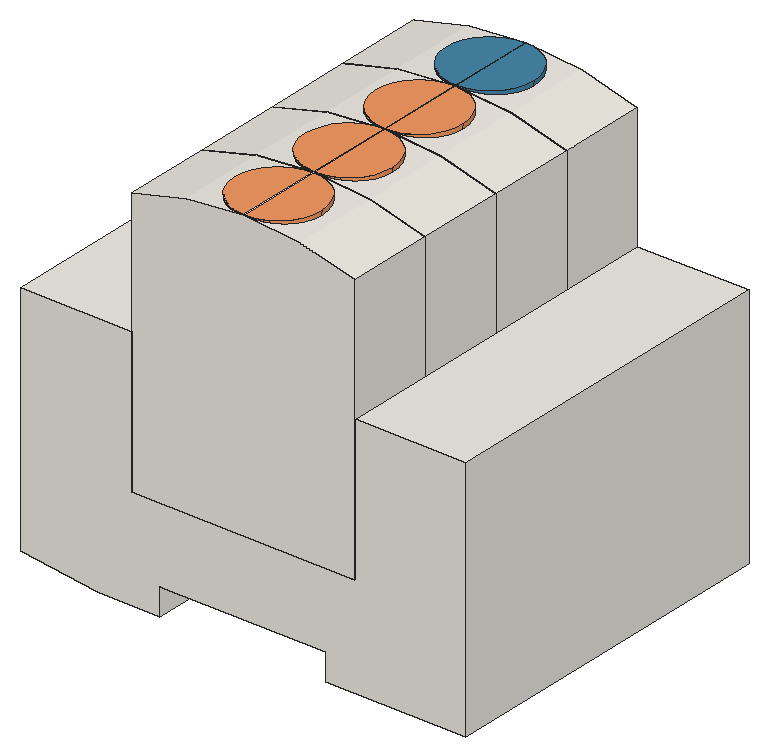
Revit family "Überspannungsableiter V20, 3-polig+NPE", category Generic Models, Revit 2015
Parameters (values of type "V20-3+NPE-385")
  Width = 90 mm
  URL = "http://www.obo-bettermann.com"
  Material 3 = PA 66/6 FR HF RAL 5017
  Material 2 = PA 66/6 FR HF RAL 2003
  Material = PA 66/6 FR HF RAL 9010
  Manufacturer Art.No. = "5095273"
  Manufacturer = "OBO Bettermann"
  Length = 71.2 mm
  Height = 78.5 mm
  GTIN = "4012196161829"
  Article Type = "V20-3+NPE-385"
Types (5, lengths in mm): name | Manufacturer Art.No. | GTIN | Article Type
  (no name) | "5095273" | "4012196161829" | "V20-3+NPE-385"
  V20-3+NPE-150 | "5095233" | "4012196163847" | "V20-3+NPE-150"
  V20-3+NPE-280 | "5095253" | "4012196161331" | "V20-3+NPE-280"
  V20-3+NPE-320 | "5095263" | "4012196161638" | "V20-3+NPE-320"
  V20-3+NPE-385 | "5095273" | "4012196161829" | "V20-3+NPE-385"
Reference planes
  plane 1 "Center (Front/Back)": y = 0
  plane 2: z = 0
  plane 3 "Center (Left/Right)": x = 0
  plane 4: y = 17.8
  plane 5: z = 78.5
  plane 6: z = 78.5
  plane 7: z = 77.5
  plane 8: y = 35.6
  plane 9: y = 53.4
  plane 10: y = 71.2
Forms (mm)
  Extrusion 1, solid, material "PA 66/6 FR HF RAL 9010" <- "Material"
    sketch origin (0, 0, 0) x (1, 0, 0) y (0, 0, 1)
      loop
        line (-29.35, 0) -> (-16.75, 0) -> (-16.75, 5.5) -> (16.75, 5.5) -> (16.75, 0) -> (45, 0) -> (45, 49.5) -> (22.5, 49.5) -> (22.5, 20.5) -> (-22.5, 20.5) -> (-22.5, 49.5) -> (-45, 49.5) -> (-45, 1.922) -> (-29.35, 0)
    from -71.2 to 0
  Extrusion 2, solid, material "PA 66/6 FR HF RAL 9010" <- "Material"
    sketch origin (0, 0, 0) x (1, 0, 0) y (0, 0, 1)
      loop
        line (-22.5, 20.5) -> (22.5, 20.5) -> (22.5, 74.639)
        arc (22.5, 74.639) -> (0, 78.5) -> (-22.5, 74.639) r 67.488
        line (-22.5, 74.639) -> (-22.5, 20.5)
    from -17.8 to 0
  Extrusion 3, solid, material "PA 66/6 FR HF RAL 2003" <- "Material 2"
    sketch origin (0, 0, 0) x (1, 0, 0) y (0, 1, 0)
      loop
        circle (0, 8.9) r 8.75
    from 77.5 to 78.5
  Extrusion 4, solid, material "PA 66/6 FR HF RAL 9010" <- "Material"
    sketch origin (0, 0, 0) x (1, 0, 0) y (0, 0, 1)
      loop
        line (-22.5, 74.639) -> (-22.5, 20.5) -> (22.5, 20.5) -> (22.5, 74.639)
        arc (22.5, 74.639) -> (0, 78.5) -> (-22.5, 74.639) r 67.488
    from -35.6 to -17.8
  Extrusion 5, solid, material "PA 66/6 FR HF RAL 2003" <- "Material 2"
    sketch origin (0, 0, 0) x (1, 0, 0) y (0, 1, 0)
      loop
        circle (0, 26.7) r 8.8
    from 77.5 to 78.5
  Extrusion 6, solid, material "PA 66/6 FR HF RAL 9010" <- "Material"
    sketch origin (0, 0, 0) x (1, 0, 0) y (0, 0, 1)
      loop
        line (-22.5, 74.639) -> (-22.5, 20.5) -> (22.5, 20.5) -> (22.5, 74.639)
        arc (22.5, 74.639) -> (0, 78.5) -> (-22.5, 74.639) r 67.488
    from -53.4 to -35.6
  Extrusion 7, solid, material "PA 66/6 FR HF RAL 2003" <- "Material 2"
    sketch origin (0, 0, 0) x (1, 0, 0) y (0, 1, 0)
      loop
        circle (0, 44.5) r 8.8
    from 77.5 to 78.5
  Extrusion 8, solid, material "PA 66/6 FR HF RAL 9010" <- "Material"
    sketch origin (0, 0, 0) x (1, 0, 0) y (0, 0, 1)
      loop
        line (-22.5, 74.639) -> (-22.5, 20.5) -> (22.5, 20.5) -> (22.5, 74.639)
        arc (22.5, 74.639) -> (0, 78.5) -> (-22.5, 74.639) r 67.488
    from -71.2 to -53.4
  Extrusion 9, solid, material "PA 66/6 FR HF RAL 5017" <- "Material 3"
    sketch origin (0, 0, 0) x (1, 0, 0) y (0, 1, 0)
      loop
        circle (0, 62.3) r 8.8
    from 77.5 to 78.5
Dimensions and locks
  locked: Extrusion 1 sketch curve to Extrusion 1 sketch curve at 33.5
  locked: plane 3 "Center (Left/Right)" to Extrusion 1 sketch curve at 16.75
  locked: Extrusion 1 sketch curve to level at 5.5
  "Width": Extrusion 1 sketch curve to Extrusion 1 sketch curve
  equal spacing: Extrusion 1 sketch curve, plane 3 "Center (Left/Right)", Extrusion 1 sketch curve, locked at 45 each
  locked: Extrusion 1 sketch curve to Extrusion 1 sketch curve at 44
  locked: Extrusion 1 sketch curve to Extrusion 1 sketch curve at 45
  equal spacing: Extrusion 1 sketch curve, plane 3 "Center (Left/Right)", Extrusion 1 sketch curve, locked at 22.5 each
  locked: Extrusion 1 sketch curve to Extrusion 1 sketch curve at 29
  locked: Extrusion 1 sketch curve to Extrusion 1 sketch curve at 15.65
  locked: Extrusion 1 sketch curve to level at 1.922
  "Height": plane 5 to level
  locked: Extrusion 2 sketch curve to Extrusion 1 at 54.139
  locked: Extrusion 2 to Extrusion 3 sketch curve at 8.9
  "Height": plane 6 to level
  locked: plane 6 to plane 7 at 1
  locked: plane 4 to plane 1 "Center (Front/Back)" at 17.8
  Extrusion 4 to Extrusion 5 sketch curve = 8.9 mm
  locked: plane 8 to plane 4 at 17.8
  locked: Extrusion 6 to Extrusion 7 sketch curve at 8.9
  locked: plane 9 to plane 8 at 17.8
  "Length": plane 1 "Center (Front/Back)" to plane 10
  locked: Extrusion 8 to Extrusion 9 sketch curve at 8.9
  radius of Extrusion 2 sketch curve = 67.488 mm
  radius of Extrusion 3 sketch curve = 8.75 mm
  radius of Extrusion 5 sketch curve = 8.8 mm
  radius of Extrusion 7 sketch curve = 8.8 mm
  radius of Extrusion 9 sketch curve = 8.8 mm
  aligned and locked: level to plane 2
  aligned and locked: Extrusion 1 sketch curve to level  (x2)
  aligned and locked: Extrusion 1 sketch curve to Extrusion 1 sketch curve
  aligned and locked: plane 1 "Center (Front/Back)" to Extrusion 1
  aligned and locked: Extrusion 2 sketch curve to Extrusion 1  (x3)
  aligned and locked: Extrusion 2 sketch curve to Extrusion 2 sketch curve
  aligned and locked: plane 1 "Center (Front/Back)" to Extrusion 2
  aligned and locked: plane 6 to Extrusion 3
  aligned and locked: Extrusion 3 to plane 7
  aligned and locked: Extrusion 4 sketch curve to Extrusion 2  (x4)
  aligned and locked: Extrusion 4 to plane 4
  aligned and locked: Extrusion 5 to Extrusion 3  (x2)
  aligned and locked: Extrusion 6 sketch curve to Extrusion 2  (x4)
  aligned and locked: Extrusion 6 to plane 8
  aligned and locked: Extrusion 7 to Extrusion 3  (x2)
  aligned and locked: plane 10 to Extrusion 1
  aligned and locked: Extrusion 8 sketch curve to Extrusion 2  (x4)
  aligned and locked: Extrusion 1 to Extrusion 8
  aligned and locked: Extrusion 8 to plane 9
  aligned and locked: Extrusion 9 to Extrusion 3  (x2)
Automatic sketch dimensions
  Extrusion 3 sketch curve to plane 3 "Center (Left/Right)" = 0 mm
  Extrusion 5 sketch curve to plane 3 "Center (Left/Right)" = 0 mm
  Extrusion 7 sketch curve to plane 3 "Center (Left/Right)" = 0 mm
  Extrusion 9 sketch curve to plane 3 "Center (Left/Right)" = 0 mm
